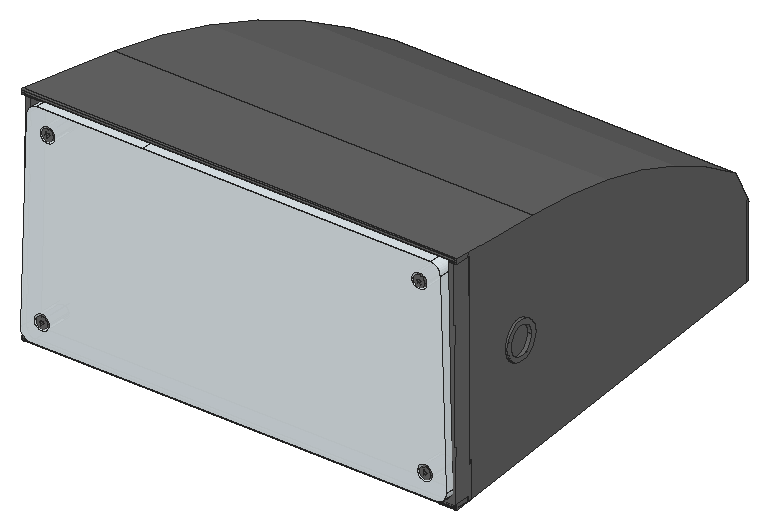
Revit family "ARGOWALL-DD-LP-HVG_UKS02820210001", category Lighting Fixtures, host Face, Revit 2021
Family settings
  Host = Face
  Round Connector Dimension = Use Diameter
  Part Type = Normal
  Cut with Voids When Loaded = No
  Light Source = Yes
  Shared = No
  Room Calculation Point = No
Parameters (values of type "ARGOWALL-DD-LP-HVG-UKS02820210001")
  URL = ""
  Wattage = 15.8 W
  built-in parameter 1150110 = 1 (stored number, unit not read)
  built-in parameter 1150109 = 1 (stored number, unit not read)
  built-in parameter 1150134 = 12
  built-in parameter 1150113 = 1 (stored number, unit not read)
  Clevertronics_Rated Emergency Duration = "180 minutes"  # constant formula
  Clevertronics_Power factor = "0.9"  # constant formula
  Clevertronics_Luminaire Classification = "X | 0 | ADF | 180"  # constant formula
  Clevertronics_LED Driver = "1330045"  # constant formula
  Clevertronics_LED Assembly = "8050219"  # constant formula
  Clevertronics_HIVE Node = "8003645"  # constant formula
  Clevertronics_Driver = "N/A"  # constant formula
  Clevertronics_Diffuser = "Polycarbonate with asymmetric lenses over the LEDs to suit wall mounted,\r\nwalkway, applications (LED cover fitted with 4 security torx head screws)"  # constant formula
  Clevertronics_Conformity = "BS EN 60598.2.22, BS 5266"  # constant formula
  Clevertronics_240V LED Panel = "N/A"  # constant formula
  Tilt Angle = 180.00°
  Photometric Web File = "OEM_CLEVERWALL_1_IESD_E_202211211213.IES"
  Model = "ARGOWALL-DD-LP-HVG"  # constant formula
  Manufacturer = "Clevertronics"  # constant formula
  LED MacAdam = "N/A"  # constant formula
  Clevertronics_Inrush Current = "6.24A / 172 μs"  # constant formula
  Clevertronics_Earth Leakage = "0.224mA"  # constant formula
  Description = "Argonaut Wall Light IP65 Weatherproof Emergency, Surface Mount, L10 Nanophosphate, Maintained, Zoneworks XT Hive, Anthracite Grey (RAL7016)"  # constant formula
  CreatedBy = "https://mepros-eng.com/"
  Clevertronics_Width = 305 mm  # constant formula
  Clevertronics_Weight = "4.6Kg"  # constant formula
  Clevertronics_Viewing Distance = "N/A"  # constant formula
  Clevertronics_Total Lumen Output = "1646"  # constant formula
  Clevertronics_Testing System = "Zoneworks XT HIVE (RF) 2.4GHz"  # constant formula
  Clevertronics_Testing Node = "N/A"  # constant formula
  Clevertronics_Supply Current = "111mA (Lamps ON Max Charge), 89mA (Lamps ON Standby)"  # constant formula
  Clevertronics_Replacement Battery = "1553290"  # constant formula
  Clevertronics_Product Description = "Argonaut Wall Light IP65 Weatherproof Emergency, Surface Mount, L10 Nanophosphate, Maintained, Zoneworks XT Hive, Anthracite Grey (RAL7016)"  # constant formula
  Clevertronics_Power Consumption = "19.9W (Lamps ON Max Charge), 15.8W (Lamps ON Standby), 1.4W (Lamps OFF Standby)\r\n1.7W (Lamps OFF Standby)"  # constant formula
  Clevertronics_Other Modules = "N/A"  # constant formula
  Clevertronics_Operating Voltage = "220-240V AC; 50Hz"  # constant formula
  Clevertronics_Operating Temperature = "0˚C to 40˚C"  # constant formula
  Clevertronics_Operating Mode = "Maintained (with integrated photocell for automatic on/off operation depending on\r\nambient light levels)"  # constant formula
  Clevertronics_Mounting = "Surface Mount (Wall, with LED light source facing downwards)"  # constant formula
  Clevertronics_Material = Clevertronics_Plycarbonate Base
  Lumens = 1646.36 lm
  built-in parameter 1114217 = 1 (stored number, unit not read)
  built-in parameter 1150115 = 1 (stored number, unit not read)
  built-in parameter 1150105 = 1646.4 (stored number, unit not read)
  built-in parameter 1150137 = 1
  built-in parameter 1150139 = (empty or 0)
  built-in parameter 1150112 = 1 (stored number, unit not read)
  built-in parameter 1150114 = 1 (stored number, unit not read)
  Lamp = "LED module, 4000K, 100,000h [L70/ B50, Ta 40°C], Ra>80"  # constant formula
  built-in parameter 1150132 = (empty or 0)
  built-in parameter 1150102 = (empty or 0)
  built-in parameter 1150138 = (empty or 0)
  built-in parameter 1150107 = 4000 (stored number, unit not read)
  built-in parameter 1150106 = 16.464 (stored number, unit not read)
  built-in parameter 1150104 = 9.6805 (stored number, unit not read)
  Dimming Lamp Color Temperature Shift = <None>
  Default Elevation = 0 mm
  Color Filter = 16777215
  Clevertronics_Stacked Symbol Position [instance] = 0
  Clevertronics_MIC Number = "UKS02820210001"  # constant formula
  Clevertronics_Length = 155 mm  # constant formula
  Clevertronics_IP Rating = "IP65"  # constant formula
  Clevertronics_IK Rating = "IK10"  # constant formula
  Clevertronics_Height = 310 mm  # constant formula
  Clevertronics_Emergency Driver = "UKM02870330001"  # constant formula
  Clevertronics_Dimensions Main Enclosure = "305mm (W) x 310mm (H) x 155mm (D)"  # constant formula
  Clevertronics_Construction = "Die Cast Aluminium Body with Polycarbonate LED Cover"  # constant formula
  Clevertronics_Charger Method = "Intelligent Current Limited Constant Voltage"  # constant formula
  Clevertronics_Battery Type = "Lithium Nanophosphate (LiFePO4), Clevertronics"  # constant formula
  Clevertronics_Battery = "N/A"  # constant formula
  Clevertronics_Applicable Standards = "N/A"  # constant formula
  Clevertronics_Annotation Vertical Offset [instance] = 0 mm
  Clevertronics_Annotation Size = 0 mm
  Clevertronics_Annotation Horizontal Offset [instance] = 0 mm
  Clevertronics_AS2293 Classification = "N/A"  # constant formula
  Clevertronics_240V LED Strip = "N/A"  # constant formula
  Clevertronics_240V Driver = "N/A"  # constant formula
  built-in parameter 1140040 [instance] = 1
  built-in parameter 1114218 = 1 (stored number, unit not read)
  built-in parameter 1150133 = 10 (stored number, unit not read)
  Assembly Code = ""
  Apparent Load = 21.11 VA  # constant formula
Reference planes
  plane 1 "Center (Front/Back)": y = 0
  plane 2: z = 0
  plane 3 "Center (Left/Right)": x = 0
  plane 4: through (33.988, -163.721, 1219.2) normal (-0.9781, -0.2079, 0)
Forms (mm)
  Extrusion 1, solid, material "Clevertronics_Polycarbonate_BLK"
    sketch origin (0, 0, 0) x (0, 1, 0) y (0, 0, 1)
      loop
        line (150.828, 0.52) -> (149.178, 41.602)
        arc (149.178, 41.602) -> (148.707, 44.485) -> (147.552, 47.169) r 12
        line (147.552, 47.169) -> (133.611, 71.058)
        arc (133.611, 71.058) -> (132.316, 72.799) -> (130.669, 74.212) r 9.784
        arc (130.669, 74.212) -> (31.323, 124.874) -> (-77.542, 149.054) r 441.922
        arc (-77.542, 149.054) -> (-113.789, 152.435) -> (-150.03, 155.887) r 18752.602
        arc (-150.03, 155.887) -> (-150.449, 155.729) -> (-150.58, 155.301) r 0.508
        line (-150.58, 155.301) -> (-150.58, 153.198)
        arc (-150.58, 153.198) -> (-150.289, 152.498) -> (-149.589, 152.207) r 0.991
        line (-149.589, 152.207) -> (-137.88, 152.003) -> (-137.919, 3.421) -> (-149.597, 3.217)
        arc (-149.597, 3.217) -> (-150.292, 2.929) -> (-150.58, 2.235) r 0.983
        line (-150.58, 2.235) -> (-150.58, 0.49)
        arc (-150.58, 0.49) -> (-150.384, 0.094) -> (-149.952, 0) r 0.509
        line (-149.952, 0) -> (150.23, 0)
        arc (150.23, 0) -> (150.654, 0.116) -> (150.828, 0.52) r 0.508
    from -181.237 to 187.361
  Extrusion 2, void
    sketch origin (-1.429, -2.022, 0) x (1, 0, 0) y (0, 1, 0)
      loop
        arc (112.204, 150.829) -> (115.45, 149.649) -> (117.145, 146.641) r 4.975
        arc (117.145, 146.641) -> (137.951, 4.808) -> (151.306, -137.919) r 2738.431
        line (151.306, -137.919) -> (153.03, -163.557) -> (197.155, -163.557) -> (197.155, 156.443) -> (112.204, 156.443) -> (112.204, 150.829)
    from -49.422 to 197.841
  Extrusion 3, void
    sketch origin (1.429, -2.022, 0) x (1, 0, 0) y (0, 1, 0)
      loop
        line (-112.204, 150.829) -> (-112.204, 156.443) -> (-197.155, 156.443) -> (-197.155, -163.557) -> (-153.03, -163.557) -> (-151.306, -137.919)
        arc (-151.306, -137.919) -> (-137.951, 4.808) -> (-117.145, 146.641) r 2738.431
        arc (-117.145, 146.641) -> (-115.45, 149.649) -> (-112.204, 150.829) r 4.975
    from -49.422 to 197.841
  Extrusion 4, solid, material "Clevertronics_Polycarbonate_BLK"
    sketch origin (0, 0, 0) x (0, 1, 0) y (0, 0, 1)
      loop
        circle (-89.54, 77) r 7.506
    from -159.777 to -150.593
  Extrusion 5, solid, material "Clevertronics_Polycarbonate_BLK"
    sketch origin (0, 0, 0) x (0, 1, 0) y (0, 0, 1)
      loop
        circle (-89.615, 76.986) r 11.026
    from -151.777 to -139.056
  Extrusion 6, solid, material "Clevertronics_Polycarbonate_BLK"
    sketch origin (-2.109, 0, 0) x (1, 0, 0) y (0, 0, 1)
      loop
        line (150.526, 152.207) -> (146.883, 152.207) -> (149.74, 11.533)
        arc (149.74, 11.533) -> (147.257, 5.213) -> (141.162, 2.217) r 9.395
        line (141.162, 2.217) -> (141.162, 0) -> (150.55, 0) -> (151.454, 0) -> (152.046, 0.593) -> (150.526, 152.207)
    from 137.9 to 150.58
  Extrusion 7, solid, material "Clevertronics_Polycarbonate_BLK"
    sketch origin (2.188, 0, 0) x (-1, 0, 0) y (0, 0, -1)
      loop
        line (150.526, -152.207) -> (152.046, -0.593) -> (151.454, 0) -> (150.55, 0) -> (141.162, 0) -> (141.162, -2.217)
        arc (141.162, -2.217) -> (147.257, -5.213) -> (149.74, -11.533) r 9.395
        line (149.74, -11.533) -> (146.883, -152.207) -> (150.526, -152.207)
    from 137.9 to 150.58
  Extrusion 8, solid, material "Clevertronics_Glass"
    sketch origin (0, 0, 0) x (1, 0, 0) y (0, 0, 1)
      loop
        line (-63.132, 151.489) -> (-136.302, 151.489)
        arc (-136.302, 151.489) -> (-141.229, 149.448) -> (-143.27, 144.522) r 6.967
        line (-143.27, 144.522) -> (-147.904, 11.221)
        arc (-147.904, 11.221) -> (-145.77, 6.07) -> (-140.619, 3.936) r 7.285
        line (-140.619, 3.936) -> (140.619, 3.936)
        arc (140.619, 3.936) -> (145.77, 6.07) -> (147.904, 11.221) r 7.285
        line (147.904, 11.221) -> (143.27, 144.522)
        arc (143.27, 144.522) -> (141.229, 149.448) -> (136.302, 151.489) r 6.967
        line (136.302, 151.489) -> (-63.132, 151.489)
      loop
        circle (128.819, 136.552) r 5.159
      loop
        circle (-128.819, 136.552) r 5.159
      loop
        circle (132.771, 18.783) r 5.159
      loop
        circle (-132.836, 18.861) r 5.159
    from 130.92 to 155.58
  Extrusion 9, solid, material "Clevertronics_Polycarbonate_BLK"
    sketch origin (0, 0, 0) x (1, 0, 0) y (0, 0, 1)
      loop
        circle (-128.79, 136.596) r 4.008
      loop
        line (-129.174, 137.88) -> (-129.934, 138.235) -> (-129.934, 137.244) -> (-130.7, 136.479) -> (-129.787, 135.84) -> (-129.605, 134.803) -> (-128.538, 135.301) -> (-127.667, 134.984) -> (-127.667, 135.935) -> (-126.82, 136.783) -> (-127.667, 137.178) -> (-128.002, 138.427) -> (-129.174, 137.88)
    from 130.92 to 155.58
  Extrusion 10, solid, material "Clevertronics_Polycarbonate_BLK"
    sketch origin (0, 0, 0) x (-1, 0, 0) y (0, 0, -1)
      loop
        circle (-128.79, -136.596) r 4.008
      loop
        line (-129.174, -137.88) -> (-128.002, -138.427) -> (-127.667, -137.178) -> (-126.82, -136.783) -> (-127.667, -135.935) -> (-127.667, -134.984) -> (-128.538, -135.301) -> (-129.605, -134.803) -> (-129.787, -135.84) -> (-130.7, -136.479) -> (-129.934, -137.244) -> (-129.934, -138.235) -> (-129.174, -137.88)
    from 130.92 to 155.58
  Extrusion 11, solid, material "Clevertronics_Polycarbonate_BLK"
    sketch origin (-4.005, 0, -117.785) x (1, 0, 0) y (0, 0, 1)
      loop
        circle (-128.79, 136.596) r 4.008
      loop
        line (-129.174, 137.88) -> (-129.934, 138.235) -> (-129.934, 137.244) -> (-130.7, 136.479) -> (-129.787, 135.84) -> (-129.605, 134.803) -> (-128.538, 135.301) -> (-127.667, 134.984) -> (-127.667, 135.935) -> (-126.82, 136.783) -> (-127.667, 137.178) -> (-128.002, 138.427) -> (-129.174, 137.88)
    from 130.92 to 155.58
  Extrusion 12, solid, material "Clevertronics_Polycarbonate_BLK"
    sketch origin (4.005, 0, -117.785) x (-1, 0, 0) y (0, 0, -1)
      loop
        circle (-128.79, -136.596) r 4.008
      loop
        line (-129.174, -137.88) -> (-128.002, -138.427) -> (-127.667, -137.178) -> (-126.82, -136.783) -> (-127.667, -135.935) -> (-127.667, -134.984) -> (-128.538, -135.301) -> (-129.605, -134.803) -> (-129.787, -135.84) -> (-130.7, -136.479) -> (-129.934, -137.244) -> (-129.934, -138.235) -> (-129.174, -137.88)
    from 130.92 to 155.58
  Extrusion 13, solid, material "Clevertronics_Polycarbonate_BLK"
    sketch origin (-2.888, -5.1, 0) x (-0.034899, 0.999391, 0) y (0, 0, 1)
      loop
        circle (-89.599, 76.972) r 12.814
      loop
        circle (-89.599, 76.972) r 9.723
    from 124.804 to 146.426
  Extrusion 14, solid, material "Clevertronics_Polycarbonate_BLK"
    sketch origin (0, 0, 50.113) x (1, 0, 0) y (0, 1, 0)
      loop
        circle (104.003, 118.874) r 7.5
      loop
        circle (104.003, 118.874) r 5
      loop
        circle (127.983, -132.428) r 7.5
      loop
        circle (127.983, -132.428) r 5
      loop
        circle (-104.636, 118.874) r 7.5
      loop
        circle (-104.636, 118.874) r 5
      loop
        circle (-128.616, -132.428) r 7.5
      loop
        circle (-128.616, -132.428) r 5
      loop
        arc (68.297, -18.912) -> (87.052, -0.157) -> (68.297, 18.598) r 18.755
        line (68.297, 18.598) -> (34.836, 18.598)
        arc (34.836, 18.598) -> (33.61, 17.372) -> (34.836, 16.146) r 1.226
        line (34.836, 16.146) -> (68.297, 16.146)
        arc (68.297, 16.146) -> (84.6, -0.157) -> (68.297, -16.46) r 16.303
        line (68.297, -16.46) -> (35.121, -16.46)
        arc (35.121, -16.46) -> (33.895, -17.686) -> (35.121, -18.912) r 1.226
        line (35.121, -18.912) -> (68.297, -18.912)
      loop
        line (-68.145, -18.912) -> (-35.121, -18.912)
        arc (-35.121, -18.912) -> (-33.895, -17.686) -> (-35.121, -16.46) r 1.226
        line (-35.121, -16.46) -> (-68.145, -16.46)
        arc (-68.145, -16.46) -> (-84.448, -0.157) -> (-68.145, 16.146) r 16.303
        line (-68.145, 16.146) -> (-35.121, 16.146)
        arc (-35.121, 16.146) -> (-33.895, 17.372) -> (-35.121, 18.598) r 1.226
        line (-35.121, 18.598) -> (-68.145, 18.598)
        arc (-68.145, 18.598) -> (-86.9, -0.157) -> (-68.145, -18.912) r 18.755
      loop
        circle (0, 0) r 2.046
      loop
        circle (0, 0) r 13.626
      loop
        arc (-12.008, 24.496) -> (-19.598, 19.288) -> (-24.806, 11.699) r 25.161
        arc (-24.806, 11.699) -> (-22.861, 9.508) -> (-20.223, 10.782) r 2.429
        arc (-20.223, 10.782) -> (-16.319, 16.145) -> (-10.956, 20.049) r 21.338
        arc (-10.956, 20.049) -> (-9.739, 22.685) -> (-12.008, 24.496) r 2.353
      loop
        arc (12, 24.496) -> (9.731, 22.685) -> (10.948, 20.049) r 2.353
        arc (10.948, 20.049) -> (16.311, 16.145) -> (20.215, 10.782) r 21.338
        arc (20.215, 10.782) -> (22.853, 9.508) -> (24.798, 11.699) r 2.429
        arc (24.798, 11.699) -> (19.59, 19.288) -> (12, 24.496) r 25.161
      loop
        arc (12, -25.121) -> (19.59, -19.913) -> (24.798, -12.324) r 25.161
        arc (24.798, -12.324) -> (22.853, -10.133) -> (20.215, -11.407) r 2.429
        arc (20.215, -11.407) -> (16.311, -16.77) -> (10.948, -20.674) r 21.338
        arc (10.948, -20.674) -> (9.731, -23.31) -> (12, -25.121) r 2.353
      loop
        arc (-12.321, -25.121) -> (-10.051, -23.31) -> (-11.268, -20.674) r 2.353
        arc (-11.268, -20.674) -> (-16.631, -16.77) -> (-20.536, -11.407) r 21.338
        arc (-20.536, -11.407) -> (-23.174, -10.133) -> (-25.118, -12.324) r 2.429
        arc (-25.118, -12.324) -> (-19.91, -19.913) -> (-12.321, -25.121) r 25.161
    from -50.711 to -50.113
Cuts and joins
  Extrusion 2, Extrusion 3 cuts Extrusion 1
Dimensions and locks
  aligned and locked: plane 2 to host face
  aligned and locked: level to host face
Connectors
  electrical at (0, 0, -0.598)
    settings: on Extrusion 14, index 1, voltage 240 V, apparent load 0 VA, apparent load phase1 1498 VA, apparent load phase2 0 VA, apparent load phase3 0 VA, power factor 0.81, load classification "Lighting", number of poles 1, system type 31, power factor state 1, is connector primary yes, connector utility no, sub classification motor no, connector description "Power connector"
